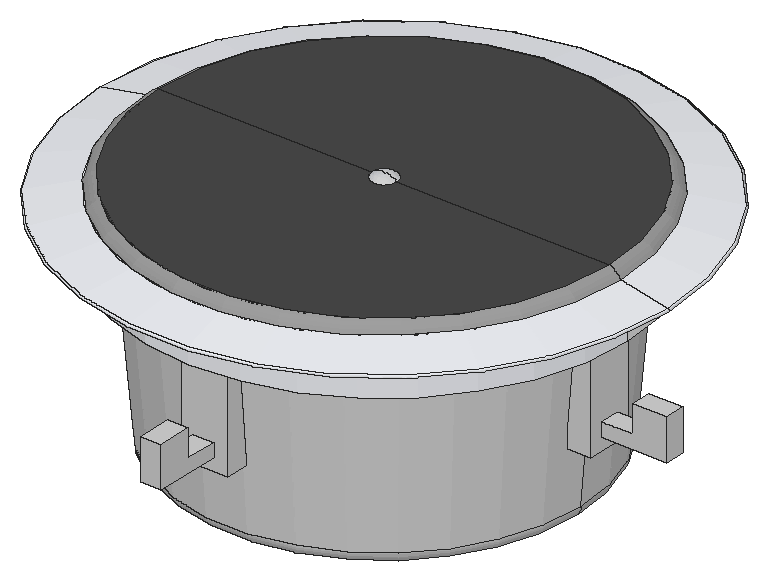
Revit family "FAP42TC", category Communication Devices, Revit 2014
Parameters (values of type "Two Way, Full Range, Coaxial Ceiling Loudspeaker")
  Width = 10.50"
  Weight Product = 6
  Warranty = "5 Year"
  Vertical Symmetry = yes
  URL = "www.atlassound.com"
  Transformer Option = yes
  Specification by User (default) = "TBD"
  Speaker Type = "S1"
  Speaker Listening Height [instance] = 30.00"
  Speaker Height [instance] = 120.00"
  Speaker Dispersion = 130.00°
  Speaker Cone Visible [instance] = no
  Speaker Cone Height [instance] = (Speaker Height - Speaker Listening Height)  # 90.00"
  Sensitivity = 88
  ScheduleType |RF| = "AtlasIED Master"
  Safety Features = "1 Safety Hang Point"
  Safety Agency Ratings = "UL Listed to Comply with UL1480, UL2043 and CSA60065. Suitable for Use in Air Handling Spaces per NFPA 70 and NFPA 90"
  SPL Max = 107
  Regulatory Compliance = "UL Listed to Comply with UL1480, UL2043 and CSA60065. Suitable for Use in Air Handling Spaces per NFPA 70 and NFPA 90"
  Radius of Speaker Cone [instance] = (Speaker Cone Height) * tan(Speaker Dispersion / 2)  # 193.00562"
  Product Page URL = "https://www.atlasied.com/fap42tc"
  Product Documentation Link = "https://www.atlasied.com/f/1794/ATS001871%20FAP42TC%20Data%20RevD.pdf"
  Power Rating (RMS) = "25 Watts"
  Power Handling = 25
  OmniClass Title = "SPEAKERS"
  OmniClass Number = "23-37 17 13 19"
  Mounting/Rigging Provisions = "Patented Safety First Mounting System"
  Mount Material = QF_Plastic - White - Smooth
  Model = "FAP42TC"
  MaterFormat Title = "SPEAKERS"
  MasterFormat = "27 41 13"
  Market = "Commercial, Higher Education, Emergency"
  Manufacturer URL = "https://www.atlasied.com"
  Manufacturer Phone = "(800) 876 - 3333"
  Manufacturer Email = "support@atlasied.com"
  Manufacturer Address = "4545 E. Baseline Rd., Phoenix, AZ 85042"
  Manufacturer = "ATLAS SOUND"
  Ingress Protection = "IP-21"
  Impedance = 8
  IQ Category = "SPEAKERS"
  Height = 4.25"
  HF Driver = "Coaxially Mounted PEI Dome Tweeter"
  Grill Material = QF_Plastic - Black - Fine Textured
  Frequency Response  = "83Hz – 20kHz (±7dB)"
  Family Version [instance] = "2017-01"
  Family Code (default) = "LOUD SPEAKERS"
  Enclosure Material = QF_Wall Paint-Gray
  Dispersion Angle = 130.00°
  Description = "4\" SHALLOW MOUNT COAXIAL IN-CEILING LOUDSPEAKER WITH 16-WATT 70/100V TRANSFORMER AND PORTED ENCLOSURE"
  Depth = 10.50"
  Coverage Vertical = 110.00°
  Coverage Horizontal = 110.00°
  Cost MSRP = 116.99
  Cost = 116.99
  Controls = "Front Mounted Tap Selector Switch."
  Color = none
  Body Material = QF_Metal - Stainless - Polished
  Baffle Material = none
  70V Taps = "1, 2, 4, 8, and 16 Watts  & 8Ω"
  100V Taps = "1, 2, 4, 8, and 16 Watts  & 8Q Bypass. Primary taps (@70.7V)"
Reference planes (in)
  plane 1 "Center (Front/Back)": y = 0
  plane 2: z = 0
  plane 3 "Center (Left/Right)": x = 0
  plane 4: z = 0.55
  plane 5: z = -8.76
  plane 6: x = -5.25
  plane 7: x = 5.25
  plane 8: z = 0.38172
  plane 9: z = -0.75
  plane 10: z = -4.25
  plane 11: x = -4.5
  plane 12: x = 4.5
Forms (in)
  Revolve 1, solid, material "QF_Plastic - White - Smooth" <- "Mount Material"
    sketch origin (0, 0, 0) x (1, 0, 0) y (0, 0, 1)
      loop
        line (-5.25, 0) -> (-4.5, 0) -> (-4.5, -0.75) -> (0, -0.75) -> (0, 0.21227) -> (-4.36069, 0.21227)
        arc (-4.36069, 0.21227) -> (-4.7924, 0.12916) -> (-5.22241, 0.03769) r 22.63754
        arc (-5.22241, 0.03769) -> (-5.2433, 0.02404) -> (-5.25, 0) r 0.03543
      axis (0, 0.21227) -> (0, -0.75)
    angle from 0 to 360
  Revolve 2, solid, material "QF_Plastic - Black - Fine Textured" <- "Grill Material"
    sketch origin (0, 0, 0) x (1, 0, 0) y (0, 0, 1)
      loop
        line (0, 0.21227) -> (0, 0.38172) -> (0, 0.45737)
        arc (0, 0.45737) -> (-0.12114, 0.44524) -> (-0.225, 0.38172) r 0.27343
        line (-0.225, 0.38172) -> (-4.15874, 0.38172)
        arc (-4.15874, 0.38172) -> (-4.27452, 0.31463) -> (-4.36069, 0.21227) r 0.38882
        line (-4.36069, 0.21227) -> (0, 0.21227)
      axis (0, 0.45737) -> (0, 0.21227)
    angle from 0 to 360
  Revolve 3, solid, material "QF_Metal - Stainless - Polished" <- "Body Material"
    sketch origin (0, 0, 0) x (1, 0, 0) y (0, 0, 1)
      loop
        line (0, -0.75) -> (-3.8987, -0.75) -> (-3.63253, -3.79238)
        arc (-3.63253, -3.79238) -> (-3.56883, -3.93835) -> (-3.42991, -4.01624) r 0.25
        arc (-3.42991, -4.01624) -> (-1.72141, -4.22693) -> (0, -4.21748) r 13.43767
        line (0, -4.21748) -> (0, -0.75)
      axis (0, -0.75) -> (0, -4.21748)
    angle from 0 to 360
  Extrusion 4, solid, material "QF_Metal - Stainless - Polished" <- "Body Material"
    sketch origin (0, 0, -0.75) x (0, 1, 0) y (1, 0, 0)
      loop
        line (0.40934, -4.15655) -> (0.40934, -3.74245) -> (-0.44066, -3.74245) -> (-0.44066, -4.15655) -> (0.40934, -4.15655)
      loop
        line (4.13763, 0.41845) -> (3.72024, 0.41845) -> (3.72024, -0.43155) -> (4.13763, -0.43155) -> (4.13763, 0.41845)
      loop
        line (-4.13763, 0.41845) -> (-4.13763, -0.43155) -> (-3.72024, -0.43155) -> (-3.72024, 0.41845) -> (-4.13763, 0.41845)
      loop
        line (0.40934, 4.15655) -> (-0.44066, 4.15655) -> (-0.44066, 3.74245) -> (0.40934, 3.74245) -> (0.40934, 4.15655)
    from 0 to 1.85886
  Extrusion 5, solid, material "QF_Metal - Stainless - Polished" <- "Body Material"
    sketch origin (-3.78297, -0.44066, -0.75) x (-1, 0, 0) y (0, 0, -1)
      loop
        line (1.59203, 1.61) -> (0.37358, 1.61) -> (0.37358, 1.36) -> (0.96703, 1.36) -> (0.96703, 0.86) -> (1.59203, 0.86) -> (1.59203, 1.61)
      loop
        line (-9.15797, 1.61) -> (-9.15797, 0.86) -> (-8.53297, 0.86) -> (-8.53297, 1.36) -> (-7.93952, 1.36) -> (-7.93952, 1.61) -> (-9.15797, 1.61)
    from -0.2375 to -0.6125
  Extrusion 6, solid, material "QF_Metal - Stainless - Polished" <- "Body Material"
    sketch origin (-0.425, 3.7673, -0.75) x (0, 1, 0) y (0, 0, -1)
      loop
        line (1.59203, 1.61) -> (0.37358, 1.61) -> (0.37358, 1.36) -> (0.96703, 1.36) -> (0.96703, 0.86) -> (1.59203, 0.86) -> (1.59203, 1.61)
      loop
        line (-9.15797, 1.61) -> (-9.15797, 0.86) -> (-8.53297, 0.86) -> (-8.53297, 1.36) -> (-7.93952, 1.36) -> (-7.93952, 1.61) -> (-9.15797, 1.61)
    from -0.2375 to -0.6125
  Blend 7, solid, material "Glass", visible <- "Speaker Cone Visible"
    base sketch origin (0, 0, 0) x (1, 0, 0) y (0, 1, 0)
      loop
        circle (0, 0.09521) r 193.00562
    top sketch origin (0, 0, 0) x (1, 0, 0) y (0, 1, 0)
      loop
        circle (0, 0.09521) r 0.13513
    from 90 <- "Speaker Cone Height" to 0
  Blend 8, solid, material "Glass", visible <- "Speaker Cone Visible"
    base sketch origin (0, 0, 0) x (1, 0, 0) y (0, 1, 0)
      loop
        circle (0, 0.09521) r 193.00562
    top sketch origin (0, 0, 0) x (1, 0, 0) y (0, 1, 0)
      loop
        circle (0, 0.09521) r 0.13513
    from 90 <- "Speaker Cone Height" to 0
Lines and regions (in)
  symbolic lines
    curve 1: circle (0, 0, 0) r 5.25 normal (0, 0, 1)
    curve 2: circle (0, 0, 0) r 0.225 normal (0, 0, 1)
    curve 3: circle (0, 0, 0) r 4.36069 normal (0, 0, 1)
  symbolic lines, style "Sound Projection Average", visible <- "Speaker Cone Visible"
    curve 4: circle (0, 0.09521, 0) r 193.00562 normal (0, 0, 1)
Dimensions and locks (in)
  plane 2 to plane 5 = 8.76"
  level to plane 9 = 0.75"
  "Width": plane 6 to plane 7
  "Height": plane 2 to plane 10
  plane 11 to plane 12 = 9.00"
  "Radius of Speaker Cone": radius of Blend 7 sketch curve
  "Radius of Speaker Cone": radius of Blend 8 sketch curve
  aligned and locked: plane 2 to level
  aligned and locked: curve 4 to Blend 8
Automatic sketch dimensions
  curve 1 to curve 2 = 0.00"  (x2)
  curve 2 to curve 3 = 0.00"  (x2)
  plane 1 "Center (Front/Back)" to curve 2 = 0.00"
  curve 2 to plane 3 "Center (Left/Right)" = 0.00"
  Revolve 1 sketch curve to level = 0.00"
  plane 6 to Revolve 1 sketch curve = 0.00"
  plane 11 to Revolve 1 sketch curve = 0.00"
  Revolve 1 sketch curve to plane 3 "Center (Left/Right)" = 0.00"  (x2)
  Revolve 1 sketch curve to plane 9 = 0.00"
  level to Revolve 1 sketch curve = 0.00311"
  Revolve 1 sketch curve to plane 6 = 0.0353"
  Revolve 1 sketch curve to plane 11 = 0.13931"
  Revolve 1 sketch curve to plane 3 "Center (Left/Right)" = 0.29765"
  Revolve 1 sketch curve to plane 5 = 13.29766"
  Revolve 1 sketch curve to plane 8 = 0.16946"
  Revolve 1 sketch curve to plane 4 = 2.31194"
  Revolve 1 sketch curve to Revolve 1 sketch curve = 0.25"
  Revolve 2 sketch curve to plane 8 = 0.00"  (x2)
  Revolve 2 sketch curve to plane 3 "Center (Left/Right)" = 0.00"  (x2)
  Revolve 2 sketch curve to plane 3 "Center (Left/Right)" = 0.034"
  Revolve 2 sketch curve to Revolve 2 sketch curve = 0.225"
  level to Revolve 2 sketch curve = 0.01678"
  Revolve 2 sketch curve to plane 11 = 0.47541"
  Revolve 2 sketch curve to plane 11 = 0.34126"
  Revolve 2 sketch curve to plane 11 = 0.13931"
  Revolve 2 sketch curve to Revolve 2 sketch curve = 0.0262"
  Revolve 2 sketch curve to plane 4 = 2.31194"
  Revolve 2 sketch curve to Revolve 2 sketch curve = 0.25"
  Revolve 3 sketch curve to plane 9 = 0.00"
  Revolve 3 sketch curve to plane 3 "Center (Left/Right)" = 0.00"  (x2)
  Revolve 3 sketch curve to plane 3 "Center (Left/Right)" = 0.93435"
  plane 10 to Revolve 3 sketch curve = 0.47941"
  Revolve 3 sketch curve to plane 11 = 1.11652"
  Revolve 3 sketch curve to Revolve 3 sketch curve = 0.24905"
  Revolve 3 sketch curve to plane 11 = 0.6013"
  Revolve 3 sketch curve to Revolve 3 sketch curve = 0.02179"
  plane 10 to Revolve 3 sketch curve = 0.03252"
  Revolve 3 sketch curve to plane 4 = 8.63767"
  Revolve 3 sketch curve to plane 4 = 2.31194"
  Revolve 3 sketch curve to Revolve 3 sketch curve = 0.25"
  Extrusion 4 sketch curve to Revolve 1 = 4.13763"
  Extrusion 4 sketch curve to Extrusion 4 sketch curve = 0.4174"  (x2)
  Extrusion 4 sketch curve to Revolve 1 = 0.44066"  (x2)
  Revolve 1 to Extrusion 4 sketch curve = 0.40934"  (x2)
  Revolve 1 to Extrusion 4 sketch curve = 3.72024"
  Extrusion 4 sketch curve to Extrusion 4 sketch curve = 0.4141"  (x2)
  Extrusion 4 sketch curve to Extrusion 4 sketch curve = 3.324"  (x2)
  Extrusion 4 sketch curve to Extrusion 4 sketch curve = 0.85"  (x2)
  Extrusion 4 sketch curve to Extrusion 4 sketch curve = 3.3109"
  Extrusion 4 to Extrusion 5 sketch curve = 0.00"
  Extrusion 4 to Extrusion 5 sketch curve = 0.24886"  (x2)
  Extrusion 5 sketch curve to Extrusion 4 = 7.899"
  Extrusion 5 sketch curve to Extrusion 5 sketch curve = 0.59345"  (x2)
  Extrusion 5 sketch curve to Extrusion 5 sketch curve = 0.625"  (x2)
  Extrusion 5 sketch curve to Extrusion 5 sketch curve = 0.25"  (x2)
  Extrusion 5 sketch curve to Extrusion 5 sketch curve = 0.75"
  Extrusion 5 sketch curve to Extrusion 5 sketch curve = 0.50"
  Extrusion 6 sketch curve to Extrusion 6 sketch curve = 0.59345"  (x2)
  Extrusion 6 sketch curve to plane 9 = 0.86"  (x2)
  Extrusion 6 sketch curve to Extrusion 6 sketch curve = 0.50"  (x2)
  Extrusion 6 sketch curve to Extrusion 6 sketch curve = 0.25"  (x2)
  Extrusion 6 sketch curve to plane 1 "Center (Front/Back)" = 4.14088"
  Extrusion 6 sketch curve to Extrusion 6 sketch curve = 0.625"  (x2)
  plane 1 "Center (Front/Back)" to Extrusion 6 sketch curve = 4.17221"
  Blend 7 sketch curve to plane 3 "Center (Left/Right)" = 0.00"  (x2)
  Blend 7 sketch curve to plane 1 "Center (Front/Back)" = 0.09521"  (x2)
  Blend 8 sketch curve to plane 3 "Center (Left/Right)" = 0.00"  (x2)
  Blend 8 sketch curve to plane 1 "Center (Front/Back)" = 0.09521"  (x2)
  radius of curve 1 = 5.25"
  radius of curve 2 = 0.225"
  radius of curve 3 = 4.36069"
  radius of Blend 7 sketch curve = 0.13513"
  radius of Blend 8 sketch curve = 0.13513"
Nested families (in)
  nested 1: "Speaker Annotation" at (0, 0, 0), Speaker Type <- "Speaker Type", type "Data Annotation"
    with Speaker Type "S1"
Definition of nested family "Speaker Annotation"
  Parameters (values of type "Data Annotation")
    Speaker Type [instance] = ""
  Reference planes (in)
    plane 1: y = 0
    plane 2: x = 0
  Lines and regions (in)
    detail lines, style "Data Device"
      curve 1: circle (-0.00295, 0.00032, 0) r 0.09489 normal (0, 0, 1)
  Text (in)
    label "S1" at (0.00193, -0.00496, 0), shows "Speaker Type"
